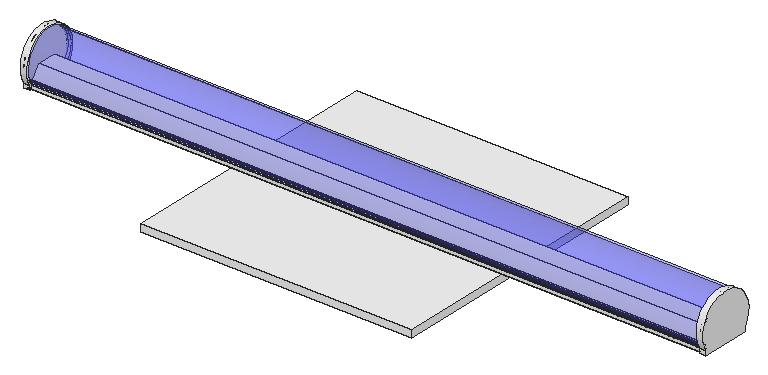
Revit family "BE_50216.1_de_DE", category Leuchten, Revit 2020
Family settings
  Basisbauteil = Fläche
  Bemaßung runder Anschluss = Durchmesser verwenden
  Teiletyp = Normal
  Beim Laden mit Abzugskörper schneiden = Ja
  Lichtquelle = Ja
  Gemeinsam genutzt = Nein
  Raumberechnungspunkt = Ja
Parameters (values of type "BEGA_50216.1_K4")
  built-in parameter 1150104 = 16.36 (stored number, unit not read)
  Wattage = 35.2 W
  Default Elevation = 0 mm
  built-in parameter 1150113 = 1 (stored number, unit not read)
  built-in parameter 1114218 = 1 (stored number, unit not read)
  Umgebungstemperatur = "25 °C"
  URL = "https://www.bega.com/de/produkt/50216.1"
  Typenkommentare = "© 2022 BEGA. Wir behalten uns das Recht vor, technische Änderungen ohne vorherige Ankündigung vorzunehmen."  # constant formula
  built-in parameter 1150134 = 12
  built-in parameter 1150109 = 1 (stored number, unit not read)
  Strom = ""
  built-in parameter 1150110 = 1 (stored number, unit not read)
  Spannung = 239.996 V
  Sonderanfertigung = no
  Seriennummer [instance] = "Hier können Sie die eindeutige Seriennummer für das Facility Management eintragen."
  Schutzklasse = "I"
  Schutzart = "IP 20"
  Scheinlast = 0 VA
  Produktdatenblatt = "https://cdn.bega.com/bega/products/50216.1K3/current/documents/data-sheets/de"
  Oberflächentemperatur = ""
  Neigungswinkel = 0.00°
  Modell = "50216.1K4"
  Material_17 = BEGA_Reflektor
  Material_15 = BEGA_Leuchtmedium_matt
  Material_14 = BEGA_Kunststoff_opal
  Material_11 = BEGA_Glas_opal
  Material_09 = BEGA_Glas_klar
  Material_06 = BEGA_Oberfläche_Edelstahl_gebürstet
  Material_05 = BEGA_Oberfläche_Aluminium Guss
  Material_03 = BEGA_Oberfläche_Weiss_matt
  Material_02 = BEGA_Oberfläche_Silber_matt
  Material_01 [instance] = BEGA_Oberfläche_Grafit_matt
  M_W = no
  M_G = no
  M_A = no
  Logo = 0
  built-in parameter 1114217 = 1 (stored number, unit not read)
  built-in parameter 1150139 = (empty or 0)
  built-in parameter 1150105 = 493.28 (stored number, unit not read)
  built-in parameter 1150114 = 1 (stored number, unit not read)
  Lumens = 6198.72 lm
  built-in parameter 1150115 = 1 (stored number, unit not read)
  Leuchtenlichtstrom = "5035 lm"
  Leuchtenanzahl = ""
  Lebensdauerkriterien = "L70B50 @ 25 °C = 200000 h"
  Lastklassifizierung = Beleuchtung
  built-in parameter 1150112 = 1 (stored number, unit not read)
  Lampenlichtstrom = "5860 lm"
  Lampe = "LED 34.8 W"
  LED_Modulbezeichnung = "4x LED-0694/940"
  Hersteller = "BEGA"  # constant formula
  Halbstreuwinkel = ""
  Gewicht = "2.7 kg"
  Gebrauchslageneinschränkung [instance] = ""
  Frequenz = "0/50-60 Hz"
  Farbwiedergabeindex = "CRI > 90"
  Farbtemperaturverschiebung bei Dämpfen der Lampe = <Keine Auswahl>
  Farbtemperatur = "4000 K"
  Color Filter = 16777215
  built-in parameter 1150133 = 10 (stored number, unit not read)
  Energieeffizienzklasse = "LED A++ - A"
  built-in parameter 1150137 = (empty or 0)
  built-in parameter 1150132 = (empty or 0)
  ENEC = "ja"
  Dimmbar [instance] = "DALI"
  Datei für fotometrisches Netz = "BE_50216.1K4.IES"
  CE_Konformität = "ja"
  Bestellnummer = "50216.1K4"
  Beschreibung_Sonderanfertigung = "Hier können Sie Informationen zur Sonderanfertigung eintragen."
  Beschreibung = "Decken- und Wandleuchte"
  built-in parameter 1150106 = 4.9328 (stored number, unit not read)
  Befestigungsbohrung = "Ø 5,5 mm"
  Befestigungsabstand = "900 mm"
  Ballwurfsicher = ""
  BEGA_Intern_aus = yes
  BEGA_Intern_an = yes
  BEGA_Intern_Konstruktion = yes
  BEGA_Intern = yes
  BEGA_IES = yes
  BEGA_Dummy = no
  Anschlussleitung = ""
  Anschlussleistung [instance] = "42 W"
  Anschlusskasten = ""
  built-in parameter 1150107 = 4000 (stored number, unit not read)
  built-in parameter 1150102 = (empty or 0)
  built-in parameter 1150138 = (empty or 0)
  Aktualisierung = "2022-05-19T04:00:07"
  Abstand_zur_angestrahlten_Fläche [instance] = ""
  AC/DC = "AC/DC"
Types (2, lengths in mm): name | built-in parameter 1150104 | built-in parameter 1150134 | Modell | built-in parameter 1150105 | Lumens | Leuchtenlichtstrom | Lampenlichtstrom | LED_Modulbezeichnung | Farbtemperatur | Datei für fotometrisches Netz | Bestellnummer | built-in parameter 1150106 | built-in parameter 1150107
  BEGA_50216.1_K4 | 16.36 (stored number, unit not read) | 12 | "50216.1K4" | 493.28 (stored number, unit not read) | 6198.72 lm | "5035 lm" | "5860 lm" | "4x LED-0694/940" | "4000 K" | "BE_50216.1K4.IES" | "50216.1K4" | 4.9328 (stored number, unit not read) | 4000 (stored number, unit not read)
  BEGA_50216.1_K3 | 15.571 (stored number, unit not read) | (empty or 0) | "50216.1K3" | 469.47 (stored number, unit not read) | 5899.52 lm | "4760 lm" | "5540 lm" | "4x LED-0694/930" | "3000 K" | "BE_50216.1K3.IES" | "50216.1K3" | 4.6947 (stored number, unit not read) | 3000 (stored number, unit not read)
Reference planes
  plane 1 "Mitte (Vorne/Hinten)": y = 0
  plane 2: z = 0
  plane 3 "Mitte (Links/Rechts)": x = 0
  plane 4 "Links": x = -505
  plane 5 "Rechts": x = 505
  plane 6 "Unten": y = -41.921
  plane 7 "Oben": y = 41.921
  plane 8 "Vorne": z = 71.071
  plane 9 "Hinten": z = 0
Forms (mm)
  Extrusion 1, solid, material "BEGA_Platte_Weiss"
    sketch origin (0, -1119.2, 0) x (1, 0, 0) y (0, 1, 0)
      loop
        line (-200, 1319.2) -> (-200, 919.2) -> (200, 919.2) -> (200, 1319.2) -> (-200, 1319.2)
    from 0 to -10
  Extrusion 2, solid, material "BEGA_Dummy_matt", visible <- "BEGA_Dummy"
    sketch origin (80.095, -76.023, 0) x (1, 0, 0) y (0, 1, 0)
      loop
        line (-585.095, 117.944) -> (-585.095, 34.102) -> (424.905, 34.102) -> (424.905, 117.944) -> (-585.095, 117.944)
    from 0 to 71.071
Dimensions and locks
  plane 1 "Mitte (Vorne/Hinten)" to Extrusion 1 = 200 mm
  aligned and locked: plane 2 to Extrusion 1
  aligned and locked: level to Extrusion 1
Nested families
  nested 1: "BE_50216.1" at (0, 0, 0), type "BE_50216.1"
Connectors
  electrical at (0, 0, 0), driven by "Lastklassifizierung", driven by "Spannung", driven by "Scheinlast"
    settings: index 1, voltage 239.996 V, apparent load 0 VA, apparent load phase1 0 VA, apparent load phase2 0 VA, apparent load phase3 0 VA, power factor 1, load classification "Beleuchtung", number of poles 1, system type 31, power factor state 1, is connector primary yes, connector utility no, sub classification motor no, connector description ""
Definition of nested family "BE_50216.1"
  Parameters (values of type "BE_50216.1")
    Default Elevation = 1 mm
    URL = "http://www.bega.de/de/produkt"
    Type Comments = "© 2015 BEGA. Wir behalten uns das Recht vor, technische Änderungen ohne vorherige Ankündigung vorzunehmen. "  # constant formula
    Type Image = (empty or 0)
    Neigungswinkel_um_Z2 = 0.00°
    Neigungswinkel_um_Z1 = 0.00°
    Neigungswinkel_um_Y2 = 0.00°
    Neigungswinkel_um_Y1 = 0.00°
    Neigungswinkel_um_X2 = 0.00°
    Neigungswinkel_um_X1 = 0.00°
    Material_17 = none
    Material_15 = none
    Material_14 = none
    Material_11 = none
    Material_09 = none
    Material_06 = none
    Material_05 = none
    Material_03 = none
    Material_02 = none
    Material_01 = none
    M_W = yes
    M_G = yes
    M_A = yes
    Länge_Platte = 1200 mm  # constant formula
    Höhe_Platte = -10 mm  # constant formula
    Manufacturer = "BEGA"  # constant formula
    Drehwinkel_um_Z2 = 0.00°
    Drehwinkel_um_Z1 = 0.00°
    Breite_Platte = 200 mm  # constant formula
  Reference planes
    plane 1 "Mitte (Oben/Unten)": y = 0
    plane 2: z = 0
    plane 3 "Mitte (Links/Rechts)": x = 0
    plane 4: z = 71.071
    plane 5: y = 41.921
    plane 6: y = -41.921
    plane 7: x = -505
    plane 8: x = 505
  Forms (mm)
    Extrusion 1, solid, detail levels medium
      sketch origin (0, 0, 0) x (1, 0, 0) y (0, 1, 0)
        loop
          line (-600, 100) -> (-600, -100) -> (600, -100) -> (600, 100) -> (-600, 100)
      from 0 to -10 <- "Höhe_Platte"
    Extrusion 2, solid, material <- "Material_03", detail levels medium+fine
      sketch origin (0, 0, 0) x (0, 1, 0) y (0, 0, 1)
        loop
          line (29.5, 1.05) -> (33.5, 1.05)
          arc (33.5, 1.05) -> (33.854, 1.196) -> (34, 1.55) r 0.5
          line (34, 1.55) -> (34.005, 6.55)
          arc (34.005, 6.55) -> (33.854, 6.904) -> (33.5, 7.05) r 0.5
          line (33.5, 7.05) -> (26.25, 7.05) -> (26.25, 9.05) -> (14.75, 25.75) -> (-14.75, 25.75) -> (-26.25, 9.05) -> (-26.25, 7.05) -> (-33.5, 7.05)
          arc (-33.5, 7.05) -> (-33.854, 6.904) -> (-34, 6.55) r 0.5
          line (-34, 6.55) -> (-34.005, 1.55)
          arc (-34.005, 1.55) -> (-33.854, 1.196) -> (-33.5, 1.05) r 0.5
          line (-33.5, 1.05) -> (-29.5, 1.05)
          arc (-29.5, 1.05) -> (-29.146, 1.196) -> (-29, 1.55) r 0.5
          line (-29, 1.55) -> (-29, 3.75) -> (-15.25, 3.75) -> (-15.25, 17.45) -> (15.25, 17.45) -> (15.25, 3.75) -> (29, 3.75) -> (29, 1.55)
          arc (29, 1.55) -> (29.146, 1.196) -> (29.5, 1.05) r 0.5
      from -500.696 to 500.696
    Extrusion 3, solid, material <- "Material_03", detail levels medium+fine
      sketch origin (0, 0, 0) x (0, 1, 0) y (0, 0, 1)
        loop
          line (35.921, 1.279) -> (35.921, 7.539)
          arc (35.921, 7.539) -> (0, 71.071) -> (-35.921, 7.539) r 41.921
          line (-35.921, 7.539) -> (-35.921, 1.281) -> (35.921, 1.279)
      from 495.197 to 505
    Extrusion 4, solid, material <- "Material_03", detail levels medium+fine
      sketch origin (-200, 0, 0) x (0, 1, 0) y (0, 0, -1)
        loop
          line (35.921, -1.279) -> (-35.921, -1.281) -> (-35.921, -7.539)
          arc (-35.921, -7.539) -> (0, -71.071) -> (35.921, -7.539) r 41.921
          line (35.921, -7.539) -> (35.921, -1.279)
      from 295.131 to 305
    Extrusion 5, void
      sketch origin (-200, 0, 0) x (0, 1, 0) y (0, 0, -1)
        loop
          line (34.005, 0) -> (-34.005, 0) -> (-34.005, -8.308)
          arc (-34.005, -8.308) -> (0, -69.951) -> (34.005, -8.308) r 40.201
          line (34.005, -8.308) -> (34.005, 0)
      from 293.13 to 300.697
    Extrusion 6, solid, material <- "Material_14", detail levels medium+fine
      sketch origin (0, 0, 0) x (0, 1, 0) y (0, 0, 1)
        loop
          arc (-34.253, 8.991) -> (-33.161, 7.935) -> (-31.69, 7.55) r 3
          line (-31.69, 7.55) -> (-28.25, 7.55)
          arc (-28.25, 7.55) -> (-27.25, 8.55) -> (-28.25, 9.55) r 1
          line (-28.25, 9.55) -> (-31.69, 9.55)
          arc (-31.69, 9.55) -> (-32.179, 9.678) -> (-32.543, 10.028) r 1
          arc (-32.543, 10.028) -> (0, 67.648) -> (32.543, 10.028) r 38
          arc (32.543, 10.028) -> (32.179, 9.678) -> (31.69, 9.55) r 1
          line (31.69, 9.55) -> (28.25, 9.55)
          arc (28.25, 9.55) -> (27.25, 8.55) -> (28.25, 7.55) r 1
          line (28.25, 7.55) -> (31.69, 7.55)
          arc (31.69, 7.55) -> (33.161, 7.935) -> (34.253, 8.991) r 3
          arc (34.253, 8.991) -> (0, 69.648) -> (-34.253, 8.991) r 40
      from -500.696 to 500.696
    Extrusion 7, solid, material <- "Material_05", detail levels medium+fine
      sketch origin (0, 0, 0) x (1, 0, 0) y (0, 1, 0)
        loop
          line (463, 28.5) -> (437, 28.5)
          arc (437, 28.5) -> (435.586, 27.914) -> (435, 26.5) r 2
          line (435, 26.5) -> (435, -26.5)
          arc (435, -26.5) -> (435.586, -27.914) -> (437, -28.5) r 2
          line (437, -28.5) -> (463, -28.5)
          arc (463, -28.5) -> (464.414, -27.914) -> (465, -26.5) r 2
          line (465, -26.5) -> (465, 26.5)
          arc (465, 26.5) -> (464.414, 27.914) -> (463, 28.5) r 2
        loop
          arc (-463, 28.5) -> (-464.414, 27.914) -> (-465, 26.5) r 2
          line (-465, 26.5) -> (-465, -26.5)
          arc (-465, -26.5) -> (-464.414, -27.914) -> (-463, -28.5) r 2
          line (-463, -28.5) -> (-437, -28.5)
          arc (-437, -28.5) -> (-435.586, -27.914) -> (-435, -26.5) r 2
          line (-435, -26.5) -> (-435, 26.5)
          arc (-435, 26.5) -> (-435.586, 27.914) -> (-437, 28.5) r 2
          line (-437, 28.5) -> (-463, 28.5)
      from 1.55 to 5
    Extrusion 8, solid, material <- "Material_05", detail levels medium+fine
      sketch origin (0, 0, 0) x (1, 0, 0) y (0, 1, 0)
        loop
          circle (-460.5, 24) r 2
        loop
          circle (-460.5, -24) r 2
        loop
          circle (-439.5, -24) r 2
        loop
          circle (-439.5, 24) r 2
        loop
          circle (439.5, 24) r 2
        loop
          circle (439.5, -24) r 2
        loop
          circle (460.5, -24) r 2
        loop
          circle (460.5, 24) r 2
      from 0 to 3.55
    Extrusion 9, void
      sketch origin (0, 0, 0) x (1, 0, 0) y (0, 1, 0)
        loop
          arc (452.75, 3.25) -> (450, 6) -> (447.25, 3.25) r 2.75
          line (447.25, 3.25) -> (447.25, -3.25)
          arc (447.25, -3.25) -> (450, -6) -> (452.75, -3.25) r 2.75
          line (452.75, -3.25) -> (452.75, 3.25)
        loop
          arc (-446.75, -2.75) -> (-444, 0) -> (-446.75, 2.75) r 2.75
          line (-446.75, 2.75) -> (-453.25, 2.75)
          arc (-453.25, 2.75) -> (-456, 0) -> (-453.25, -2.75) r 2.75
          line (-453.25, -2.75) -> (-446.75, -2.75)
      from 0 to 7
    Revolve 10, void
      sketch origin (0, 0, 0) x (1, 0, 0) y (0, 0, 1)
        loop
          line (-501.9, 32.745) -> (-505.336, 36.181) -> (-505.336, 29.75) -> (-501.9, 29.75) -> (-501.9, 32.745)
        axis (-501.9, 29.75) -> (-505.336, 29.75)
      angle from 0 to 360
    Revolve 11, solid, material <- "Material_06", detail levels fine
      sketch origin (0, 0, 0) x (1, 0, 0) y (0, 0, 1)
        loop
          line (-504.671, 29.75) -> (-501.9, 29.75) -> (-501.9, 32.329) -> (-504.671, 35.1) -> (-504.671, 29.75)
        axis (-501.9, 29.75) -> (-504.671, 29.75)
      angle from 0 to 360
    Extrusion 12, void
      sketch origin (200, 0, 0) x (0, 1, 0) y (0, 0, 1)
        loop
          line (34.005, 0) -> (34.005, 8.308)
          arc (34.005, 8.308) -> (0, 69.951) -> (-34.005, 8.308) r 40.201
          line (-34.005, 8.308) -> (-34.005, 0) -> (34.005, 0)
      from 293.13 to 300.697
  Cuts and joins
    Extrusion 5, Extrusion 12 cuts Extrusion 3
    Extrusion 5, Revolve 10, Extrusion 12 cuts Extrusion 4
    joined: Extrusion 3, Extrusion 4
    Extrusion 9 cuts Extrusion 7
    Extrusion 9 cuts Extrusion 8
    joined: Extrusion 7, Extrusion 8
    Extrusion 9, Revolve 10 cuts Extrusion 2
    Extrusion 9 cuts Extrusion 6
  Dimensions and locks
    equal spacing: Extrusion 1 sketch curve, plane 3 "Mitte (Links/Rechts)", Extrusion 1 sketch curve
    equal spacing: Extrusion 1 sketch curve, plane 1 "Mitte (Oben/Unten)", Extrusion 1 sketch curve
    "Länge_Platte": Extrusion 1 sketch curve to Extrusion 1 sketch curve
    "Breite_Platte": Extrusion 1 sketch curve to Extrusion 1 sketch curve
    aligned and locked: Extrusion 1 to plane 2
    aligned and locked: level to Extrusion 1
  Automatic sketch dimensions
    level to Extrusion 2 sketch curve = 1.55 mm  (x2)
    Extrusion 2 sketch curve to plane 6 = 8.421 mm
    Extrusion 2 sketch curve to Extrusion 2 sketch curve = 0 mm  (x5)
    level to Extrusion 2 sketch curve = 1.05 mm
    Extrusion 2 sketch curve to Extrusion 2 sketch curve = 4 mm  (x2)
    Extrusion 2 sketch curve to Extrusion 2 sketch curve = 0.5 mm  (x6)
    Extrusion 2 sketch curve to Extrusion 2 sketch curve = 2.75 mm  (x2)
    Extrusion 2 sketch curve to Extrusion 2 sketch curve = 11 mm  (x2)
    Extrusion 2 sketch curve to plane 1 "Mitte (Oben/Unten)" = 14.75 mm
    Extrusion 2 sketch curve to Extrusion 2 sketch curve = 4.5 mm
    Extrusion 2 sketch curve to Extrusion 2 sketch curve = 2.2 mm  (x2)
    Extrusion 2 sketch curve to Extrusion 2 sketch curve = 5 mm  (x2)
    Extrusion 2 sketch curve to Extrusion 2 sketch curve = 3.3 mm
    Extrusion 2 sketch curve to Extrusion 2 sketch curve = 2 mm  (x2)
    Extrusion 2 sketch curve to Extrusion 2 sketch curve = 13.7 mm
    Extrusion 2 sketch curve to Extrusion 2 sketch curve = 8.3 mm
    Extrusion 2 sketch curve to Extrusion 2 sketch curve = 0.005 mm  (x2)
    Extrusion 3 sketch curve to plane 1 "Mitte (Oben/Unten)" = 0 mm
    level to Extrusion 3 sketch curve = 1.281 mm
    Extrusion 3 sketch curve to plane 6 = 6 mm
    level to Extrusion 3 sketch curve = 1.279 mm
    Extrusion 3 sketch curve to plane 5 = 6 mm
    Extrusion 3 sketch curve to Extrusion 3 sketch curve = 6.26 mm
    level to Extrusion 3 sketch curve = 29.15 mm
    Extrusion 4 sketch curve to plane 1 "Mitte (Oben/Unten)" = 0 mm
    level to Extrusion 4 sketch curve = 1.281 mm
    Extrusion 4 sketch curve to plane 6 = 6 mm
    level to Extrusion 4 sketch curve = 1.279 mm
    Extrusion 4 sketch curve to plane 5 = 6 mm
    Extrusion 4 sketch curve to Extrusion 4 sketch curve = 6.26 mm
    level to Extrusion 4 sketch curve = 29.15 mm
    Extrusion 5 sketch curve to level = 0 mm
    Extrusion 5 sketch curve to plane 1 "Mitte (Oben/Unten)" = 0 mm
    Extrusion 5 sketch curve to plane 6 = 7.916 mm
    Extrusion 5 sketch curve to plane 5 = 7.916 mm
    Extrusion 5 sketch curve to Extrusion 5 sketch curve = 8.308 mm
    level to Extrusion 5 sketch curve = 29.75 mm
    Extrusion 6 sketch curve to Extrusion 6 sketch curve = 0 mm  (x6)
    Extrusion 6 sketch curve to plane 1 "Mitte (Oben/Unten)" = 0 mm
    Extrusion 6 sketch curve to plane 6 = 13.671 mm
    Extrusion 6 sketch curve to Extrusion 6 sketch curve = 3.44 mm  (x2)
    level to Extrusion 6 sketch curve = 8.55 mm  (x2)
    Extrusion 6 sketch curve to plane 5 = 13.671 mm
    Extrusion 6 sketch curve to Extrusion 6 sketch curve = 1 mm  (x4)
    level to Extrusion 6 sketch curve = 29.648 mm
    Extrusion 6 sketch curve to Extrusion 6 sketch curve = 0.853 mm
    Extrusion 6 sketch curve to Extrusion 6 sketch curve = 1.71 mm
    plane 1 "Mitte (Oben/Unten)" to Extrusion 9 sketch curve = 0 mm
    Extrusion 9 sketch curve to plane 1 "Mitte (Oben/Unten)" = 2.75 mm
    Extrusion 9 sketch curve to Extrusion 9 sketch curve = 6.5 mm
    plane 1 "Mitte (Oben/Unten)" to Extrusion 9 sketch curve = 3.25 mm
    Extrusion 9 sketch curve to Extrusion 9 sketch curve = 2.75 mm
    Extrusion 9 sketch curve to plane 1 "Mitte (Oben/Unten)" = 3.25 mm
    Extrusion 12 sketch curve to level = 0 mm
    Extrusion 12 sketch curve to plane 1 "Mitte (Oben/Unten)" = 0 mm
    Extrusion 12 sketch curve to plane 6 = 7.916 mm
    Extrusion 12 sketch curve to plane 5 = 7.916 mm
    Extrusion 12 sketch curve to Extrusion 12 sketch curve = 8.308 mm
    level to Extrusion 12 sketch curve = 29.75 mm
    Extrusion 7 sketch curve to plane 5 = 15.421 mm  (x2)
    Extrusion 7 sketch curve to Extrusion 7 sketch curve = 2 mm  (x6)
    Extrusion 7 sketch curve to plane 6 = 13.421 mm
    Extrusion 7 sketch curve to Extrusion 7 sketch curve = 26 mm  (x4)
    Extrusion 7 sketch curve to plane 6 = 15.421 mm
    Extrusion 8 sketch curve to plane 6 = 17.921 mm  (x4)
    Extrusion 8 sketch curve to plane 5 = 17.921 mm  (x4)
    Extrusion 8 sketch curve to Extrusion 8 sketch curve = 0 mm  (x2)
    Extrusion 8 sketch curve to Extrusion 8 sketch curve = 21 mm  (x4)
    level to Revolve 11 sketch curve = 35.1 mm
    Revolve 11 sketch curve to Revolve 11 sketch curve = 2.771 mm  (x2)
    Revolve 11 sketch curve to Revolve 11 sketch curve = 2.579 mm
    Revolve 11 sketch curve to Revolve 11 sketch curve = 2.103 mm
    Revolve 11 sketch curve to Revolve 11 sketch curve = 0 mm  (x2)
    plane 4 to Revolve 10 sketch curve = 34.89 mm
    Revolve 10 sketch curve to Revolve 10 sketch curve = 3.436 mm  (x2)
    Revolve 10 sketch curve to Revolve 10 sketch curve = 2.995 mm
    Revolve 10 sketch curve to Revolve 10 sketch curve = 0.405 mm
    Revolve 10 sketch curve to Revolve 10 sketch curve = 0.92 mm
    Revolve 10 sketch curve to Revolve 10 sketch curve = 0 mm
    plane 8 to Extrusion 7 sketch curve = 70 mm
    plane 8 to Extrusion 8 sketch curve = 65.5 mm
    plane 8 to Extrusion 9 sketch curve = 57.75 mm
    plane 7 to Extrusion 7 sketch curve = 70 mm
    plane 7 to Extrusion 8 sketch curve = 65.5 mm
    plane 7 to Extrusion 9 sketch curve = 58.25 mm
    Revolve 10 sketch curve to plane 7 = 0.336 mm
    plane 7 to Revolve 11 sketch curve = 0.329 mm
    radius of Extrusion 8 sketch curve = 2 mm  (x8)
